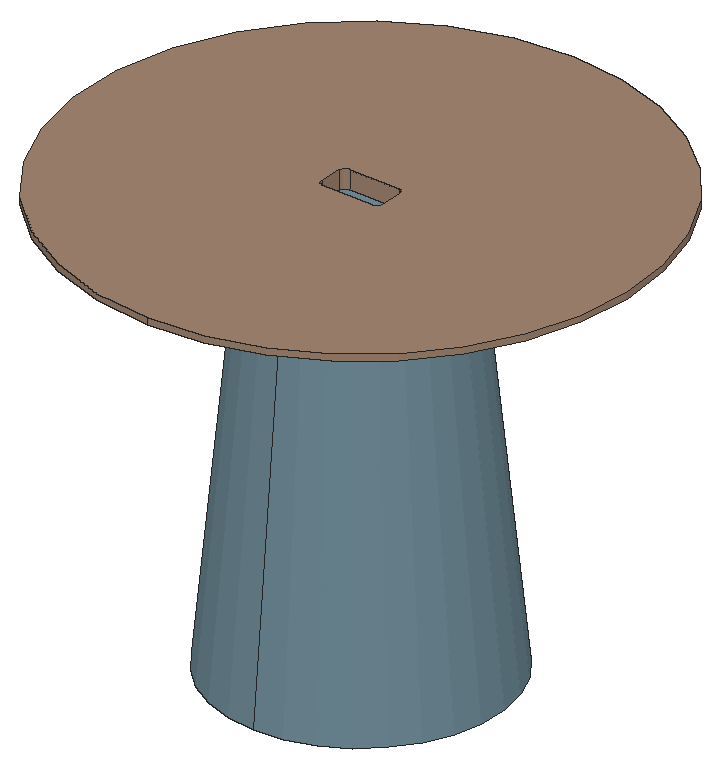
Revit family "Table-Teknion-MXTCO-Cone_Base_Round-Expansion_Meeting-R2023", category Furniture, Revit 2023
Family settings
  OmniClass Number = 23.40.20.00
  OmniClass Title = General Furniture and Specialties
  Work Plane-Based = No
  Enable Cutting in Views = No
  Always vertical = Yes
  Cut with Voids When Loaded = No
  Render Appearance Source = Family Geometry
  Shared = Yes
  Room Calculation Point = No
Parameters (values of type "(FD) Flush Module – Dual")
  Diameter/Width [instance] = 36.000"
  Cut = yes
  (M) Flat Edge (1-3/16") [instance] = not([(W) Deep Knife Edge (1-3/16")])  # no
  Worksurface Finish [instance] = Foundation Laminate - Teknion - 2E - Estate Cherry
  Warranty = "http://www.teknion.com/ca/papers/legal-canada"
  Unit Weight URL = "http://www.teknion.com/ca/tools/assets#&asset=bee6a381-b954-425e-8283-5a2de3a804f2,f828d448-4b62-4231-9e5f-9a8991c0ed77"
  URL = "www.teknion.com"
  To render please download texture images found here [instance] = "https://assets.teknion.com/web/5e81352c1dfdb467/revit-material-swatches/"
  Sustainability Data = "https://www.teknion.com/ca/tools/assets#&topic=216f99a5-57a0-44fc-b10a-9dee9b29ae4c&asset=444deb64-fe58-4b68-981e-f75e97781df7,b4ff2d81-9f2e-437d-9659-7cffb09c31cf"
  Support Finish [instance] = Paint - Teknion - CJ - Accent - Atmosphere
  Series = "Meeting Tables"  # constant formula
  Product Page URL = "https://www.teknion.com/products/product-details?productlineid=3982336e-8e7a-673b-a6c8-ff00004460c4"
  Product Line = "Expansion"  # constant formula
  Product Documentation Link = "http://www.teknion.com/pricing/Expansion-meeting/pdfs/MXTCO_ppg.pdf"
  Part Number = "MXTCO"  # constant formula
  Model = "MXTCO_____FD"
  Manufacturer Phone = "416-661-3370"  # constant formula
  Manufacturer Fax = "416.661.4586"  # constant formula
  Manufacturer Contact Information = "http://www.teknion.com/ca/contactus"
  Manufacturer Address = "1150 Flint Road, Toronto, ON. M3J 2J5. Canada"  # constant formula
  Manufacturer = "Teknion"  # constant formula
  Leg - 48 [instance] = [Diameter/Width] < 48.500"  # yes
  How To Use Teknion Materials User Guide [instance] = "https://assets.teknion.com/m/205dd0a49fa58060/original/How-to-add-a-Material-Library-and-Texture-Images-to-your-Revit-project.pdf"
  Height [instance] = 29.000"
  Grommet Dim [instance] = if(FT, 5.800", if(FD, 4.094", 4.094"))  # 4.094"
  For Additional Finishes please visit [instance] = "https://assets.teknion.com/m/44a8009b046e5d47/original/Teknion_Materials_Library.zip"
  FT = no
  FD = yes
  Edge Options [instance] = "Pick Only One"  # constant formula
  Description = "Cone Base Table - Round "  # constant formula
  Default Elevation = 0.000"
  (W) Deep Knife Edge (1-3/16") [instance] = yes
  Available Height [instance] = "29, 36 & 42 Inches"  # constant formula
  Available Diameter [instance] = if(Height = 29.000", "42, 48, 54, 58 & 60 Inches", if(Height = 36.000", "36 & 42 Inches", if(Height = 42.000", "36 & 42 Inches", "36, 42, 48, 54, 58 & 60 Inches")))  # "42, 48, 54, 58 & 60 Inches"
  Assembly Code = "E2020200"
Types (3): name | Diameter/Width | Cut | (M) Flat Edge (1-3/16") | Worksurface Finish | Model | Leg - 48 | Height | Grommet Dim | FT | FD | (W) Deep Knife Edge (1-3/16") | Available Diameter
  (NN) No Cutout | 60.000" | no | yes | Veneer - Teknion - VA - Flintwood - Sycamore | "MXTCO_____NN" | no | 42.000" | 4.094" | no | no | no | "36 & 42 Inches"
  (FT) Flush Module – Triple | 60.000" | yes | no | Foundation Laminate - Teknion - 2H - Soft Gris | "MXTCO_____FT" | no | 42.000" | 5.800" | yes | no | yes | "36 & 42 Inches"
  (FD) Flush Module – Dual | 36.000" | yes | no | Foundation Laminate - Teknion - 2E - Estate Cherry | "MXTCO_____FD" | yes | 29.000" | 4.094" | no | yes | yes | "42, 48, 54, 58 & 60 Inches"
Reference planes (in)
  plane 1 "Center Front/Back": y = 0
  plane 2: z = 0
  plane 3 "Center Left/Right": x = 0
  plane 4 "Left": x = -18
  plane 5 "Right": x = 18
  plane 6 "Back": y = 18
  plane 7 "Front": y = -18
  plane 8 "Top": z = 29
Forms (in)
  Sweep 1, solid, material "Foundation Laminate - Teknion - 2E - Estate Cherry" <- "Worksurface Finish"
    path origin (0, 0, 0) x (1, 0, 0) y (0, 0, 1)
      loop
        line (0, 29) -> (0, 27.81102)
    profile origin (0, 0, 28.40551) x (0, -1, 0) y (1, 0, 0)
      loop
        circle (0, 0) r 18
  Sweep 2, void
    path in 3D
      loop
        arc (0, -18, 27.81102) -> (18, 0, 27.81102) -> (0, 18, 27.81102) r 18
        arc (0, 18, 27.81102) -> (-18, 0, 27.81102) -> (0, -18, 27.81102) r 18
    profile origin (-18, 0, 27.81102) x (-1, 0, 0) y (0, 0, -1)
      loop
        line (0, -0.77646) -> (0, 0) -> (-2.25499, 0) -> (0, -0.77646)
  Sweep 3, void
    path origin (0, 0, 0) x (1, 0, 0) y (0, 0, 1)
      loop
        line (0, 27.81102) -> (0, 30.31102)
    profile origin (0, 0, 29.06102) x (-1, 0, 0) y (0, -1, 0)
      loop
        arc (1.6533, -1.12205) -> (1.93169, -1.00673) -> (2.047, -0.72835) r 0.3937
        line (2.047, -0.72835) -> (2.047, 0.72835)
        arc (2.047, 0.72835) -> (1.93169, 1.00673) -> (1.6533, 1.12205) r 0.3937
        line (1.6533, 1.12205) -> (-1.6533, 1.12205)
        arc (-1.6533, 1.12205) -> (-1.93169, 1.00673) -> (-2.047, 0.72835) r 0.3937
        line (-2.047, 0.72835) -> (-2.047, -0.72835)
        arc (-2.047, -0.72835) -> (-1.93169, -1.00673) -> (-1.6533, -1.12205) r 0.3937
        line (-1.6533, -1.12205) -> (1.6533, -1.12205)
Cuts and joins
  Sweep 2, Sweep 3 cuts Sweep 1
Lines and regions (in)
  Masking region 1
    outline origin (0, 0, 0) x (1, 0, 0) y (0, 1, 0)
      loop
        circle (0, 0) r 18
  Masking region 2, visible <- "Cut"
    outline origin (0, 0, 0) x (1, 0, 0) y (0, 1, 0)
      loop
        arc (-1.6533, 1.12205) -> (-1.93169, 1.00673) -> (-2.047, 0.72835) r 0.3937
        line (-2.047, 0.72835) -> (-2.047, -0.72835)
        arc (-2.047, -0.72835) -> (-1.93169, -1.00673) -> (-1.6533, -1.12205) r 0.3937
        line (-1.6533, -1.12205) -> (1.6533, -1.12205)
        arc (1.6533, -1.12205) -> (1.93169, -1.00673) -> (2.047, -0.72835) r 0.3937
        line (2.047, -0.72835) -> (2.047, 0.72835)
        arc (2.047, 0.72835) -> (1.93169, 1.00673) -> (1.6533, 1.12205) r 0.3937
        line (1.6533, 1.12205) -> (-1.6533, 1.12205)
  sketch lines
    curve 1: arc (0, 18, 27.81102) -> (-18, 0, 27.81102) -> (0, -18, 27.81102) r 18
    curve 2: arc (0, -18, 27.81102) -> (18, 0, 27.81102) -> (0, 18, 27.81102) r 18
  reference lines
    curve 3: line (-18, 18, 0) -> (18, 18, 0)
    curve 4: line (-18, -18, 0) -> (-18, 18, 0)
    curve 5: line (18, -18, 0) -> (-18, -18, 0)
    curve 6: line (18, 18, 0) -> (18, -18, 0)
Dimensions and locks (in)
  "Diameter/Width": plane 4 "Left" to plane 5 "Right"
  "Diameter/Width": plane 6 "Back" to plane 7 "Front"
  "Height": plane 8 "Top" to level
  equal spacing: plane 4 "Left", plane 3 "Center Left/Right", plane 5 "Right"
  equal spacing: plane 6 "Back", plane 1 "Center Front/Back", plane 7 "Front"
  locked: plane 8 "Top" to Sweep 1 sketch curve at 1.18898
  Sweep 3 sketch curve to plane 8 "Top" to Sweep 3 sketch curve = 1.31102" locked, 1.18898" locked
  equal spacing: Sweep 3 sketch curve, profile plane, Sweep 3 sketch curve
  equal spacing: Sweep 3 sketch curve, profile plane, Sweep 3 sketch curve, locked at 1.12205 each
  "Grommet Dim": Sweep 3 sketch curve to Sweep 3 sketch curve
  Masking region 2 sketch curve to plane 1 "Center Front/Back" to Masking region 2 sketch curve = 1.12205" locked, 1.12205" locked
  equal spacing: Masking region 2 sketch curve, plane 3 "Center Left/Right", Masking region 2 sketch curve
  "Grommet Dim": Masking region 2 sketch curve to Masking region 2 sketch curve
  "Diameter/Width": diameter of Sweep 1 sketch curve
  aligned and locked: level to plane 2
  aligned and locked: Sweep 1 sketch curve to plane 3 "Center Left/Right"
  aligned and locked: plane 8 "Top" to Sweep 1 sketch curve
  aligned and locked: plane 3 "Center Left/Right" to nested 1
  aligned and locked: plane 1 "Center Front/Back" to nested 1
  aligned and locked: Sweep 2 sketch curve to profile plane
  aligned and locked: profile plane to Sweep 2 sketch curve
  aligned and locked: plane 3 "Center Left/Right" to nested 2
  aligned and locked: plane 1 "Center Front/Back" to nested 2
  aligned and locked: plane 3 "Center Left/Right" to Sweep 3 sketch curve
  aligned and locked: Masking region 1 sketch curve to Sweep 2  (x2)
  aligned and locked: curve 3 to plane 6 "Back"
  aligned and locked: plane 4 "Left" to curve 4
  aligned and locked: curve 5 to plane 7 "Front"
  aligned and locked: plane 5 "Right" to curve 6
  aligned and locked: nested 2 to plane 2
Automatic sketch dimensions
  Sweep 2 sketch curve to profile plane = 0.77646"
  profile plane to Sweep 2 sketch curve = 2.25499"
  Masking region 1 sketch curve to plane 3 "Center Left/Right" = 0.000"  (x2)
  plane 1 "Center Front/Back" to Sweep 1 sketch curve = 0.000"
  Sweep 1 sketch curve to profile plane = 0.000"
  Sweep 3 sketch curve to Sweep 3 sketch curve = 0.3937"  (x4)
  Sweep 3 sketch curve to plane 1 "Center Front/Back" = 1.12205"
  Masking region 2 sketch curve to Masking region 2 sketch curve = 0.3937"  (x4)
Nested families (in)
  nested 1: "Teknion_2D_Node_Family-R2021" at (0, 0, 0), type "Teknion_2D_Node_Family-R2021"
  nested 2: "Leg-Cone-Exp_Meeting-R2022" at (0, 0, 0), Height <- "Height", 48- <- "Leg - 48", Support Finish <- "Support Finish", type "Cone Base"
    with Width 18.000", To render please download texture images found here "https://assets.teknion.com/web/5e81352c1dfdb467/revit-material-swatches/", Support Finish Paint - Teknion - CJ - Accent - Atmosphere, How To Use Teknion Materials User Guide "https://assets.teknion.com/m/205dd0a49fa58060/original/How-to-add-a-Material-Library-and-Texture-Images-to-your-Revit-project.pdf", Height 29.000", For Additional Finishes please visit "https://assets.teknion.com/m/44a8009b046e5d47/original/Teknion_Materials_Library.zip", Depth 6.250", 48- yes, 48+ no
Definition of nested family "Leg-Cone-Exp_Meeting-R2022"
  Parameters (values of type "Cone Base")
    Width [instance] = if([48-], 18.000", 21.000")  # 21.000"
    Warranty = "http://www.teknion.com/ca/papers/legal-canada"
    Unit Weight URL = "http://www.teknion.com/ca/tools/assets#&asset=bee6a381-b954-425e-8283-5a2de3a804f2,f828d448-4b62-4231-9e5f-9a8991c0ed77"
    URL = "www.teknion.com"
    To render please download texture images found here [instance] = "https://assets.teknion.com/web/5e81352c1dfdb467/revit-material-swatches/"
    Sustainability Data = "https://www.teknion.com/ca/tools/assets#&topic=216f99a5-57a0-44fc-b10a-9dee9b29ae4c&asset=444deb64-fe58-4b68-981e-f75e97781df7,b4ff2d81-9f2e-437d-9659-7cffb09c31cf"
    Support Finish [instance] = none
    Series = ""
    Product Page URL = ""
    Product Line = ""
    Product Documentation Link = ""
    Part Number = ""
    Model = "1"
    Manufacturer Phone = "416-661-3370"  # constant formula
    Manufacturer Fax = "416.661.4586"  # constant formula
    Manufacturer Contact Information = "http://www.teknion.com/ca/contactus"
    Manufacturer Address = "1150 Flint Road, Toronto, ON. M3J 2J5. Canada"  # constant formula
    Manufacturer = "Teknion"  # constant formula
    Length = 0.000"
    How To Use Teknion Materials User Guide [instance] = "https://assets.teknion.com/m/205dd0a49fa58060/original/How-to-add-a-Material-Library-and-Texture-Images-to-your-Revit-project.pdf"
    Height [instance] = 48.000"
    For Additional Finishes please visit [instance] = "https://assets.teknion.com/m/44a8009b046e5d47/original/Teknion_Materials_Library.zip"
    Depth [instance] = if([48-], 6.250", 7.000")  # 7.000"
    Default Elevation = 0.000"
    Assembly Code = "E2020200"
    48- [instance] = no
    48+ [instance] = yes
  Reference planes (in)
    plane 1 "Center Front/Back": y = 0
    plane 2: z = 0
    plane 3 "Center Left/Right": x = 0
    plane 4 "Left": x = -10.5
    plane 5 "Right": x = 10.5
    plane 6 "Back": y = 10.5
    plane 7 "Front": y = -10.5
    plane 8 "Top": z = 48
  Forms (in)
    SweptBlend 1, solid, material <- "Support Finish"
      path origin (0, 0, 0) x (1, 0, 0) y (0, 0, 1)
        loop
          line (0, 46.622) -> (0, 0.122)
      profile origin (0, 0, 46.622) x (0, -1, 0) y (1, 0, 0)
        loop
          circle (0.16417, -0.01026) r 7
      end profile origin (0, 0, 0.122) x (0, -1, 0) y (1, 0, 0)
        loop
          circle (0, 0) r 10.5
    Extrusion 2, solid, material <- "Support Finish"
      sketch origin (-0.01026, -0.16417, 46.622) x (1, 0, 0) y (0, 1, 0)
        loop
          line (7.62837, 10.66417) -> (-7.60785, 10.66417)
          arc (-7.60785, 10.66417) -> (-9.64565, 9.82009) -> (-10.48974, 7.78228) r 2.88189
          line (-10.48974, 7.78228) -> (-10.48974, -7.45394)
          arc (-10.48974, -7.45394) -> (-9.64565, -9.49174) -> (-7.60785, -10.33583) r 2.88189
          line (-7.60785, -10.33583) -> (7.62837, -10.33583)
          arc (7.62837, -10.33583) -> (9.66617, -9.49174) -> (10.51026, -7.45394) r 2.88189
          line (10.51026, -7.45394) -> (10.51026, 7.78228)
          arc (10.51026, 7.78228) -> (9.66617, 9.82009) -> (7.62837, 10.66417) r 2.88189
      from 0 to 0.18898
    Sweep 3, solid
      path origin (0, 0, 0) x (1, 0, 0) y (0, 0, 1)
        loop
          line (0, 0.31496) -> (0, 0)
      profile origin (0, 0, 0.15748) x (0, -1, 0) y (1, 0, 0)
        loop
          circle (-8.31259, 4.78451) r 0.5
        loop
          circle (-8.31259, -4.78451) r 0.5
        loop
          circle (8.21884, 4.78451) r 0.5
        loop
          circle (8.21884, -4.78451) r 0.5
        loop
          circle (-0.03125, 9.55797) r 0.5
        loop
          circle (-0.03125, -9.52672) r 0.5
  Lines and regions (in)
    Masking region 1, detail levels medium+fine
      outline origin (0, 0, 0) x (1, 0, 0) y (0, 1, 0)
        loop
          line (7.61811, 10.5) -> (-7.61811, 10.5)
          arc (-7.61811, 10.5) -> (-9.65591, 9.65591) -> (-10.5, 7.61811) r 2.88189
          line (-10.5, 7.61811) -> (-10.5, -7.61811)
          arc (-10.5, -7.61811) -> (-9.65591, -9.65591) -> (-7.61811, -10.5) r 2.88189
          line (-7.61811, -10.5) -> (7.61811, -10.5)
          arc (7.61811, -10.5) -> (9.65591, -9.65591) -> (10.5, -7.61811) r 2.88189
          line (10.5, -7.61811) -> (10.5, 7.61811)
          arc (10.5, 7.61811) -> (9.65591, 9.65591) -> (7.61811, 10.5) r 2.88189
    symbolic lines, detail levels fine
      curve 1: arc (0, -10.5, 0) -> (-10.5, 0, 0) -> (0, 10.5, 0) r 10.5
      curve 2: arc (0, 10.5, 0) -> (10.5, 0, 0) -> (0, -10.5, 0) r 10.5
      curve 3: arc (-0.01026, 6.83583, 0) -> (-7.01026, -0.16417, 0) -> (-0.01026, -7.16417, 0) r 7
      curve 4: arc (-0.01026, -7.16417, 0) -> (6.98974, -0.16417, 0) -> (-0.01026, 6.83583, 0) r 7
      curve 5: arc (4.78451, 7.81259, 0) -> (5.28451, 8.31259, 0) -> (4.78451, 8.81259, 0) r 0.5
      curve 6: arc (4.78451, 8.81259, 0) -> (4.28451, 8.31259, 0) -> (4.78451, 7.81259, 0) r 0.5
      curve 7: arc (9.55797, 0.53125, 0) -> (9.05797, 0.03125, 0) -> (9.55797, -0.46875, 0) r 0.5
      curve 8: arc (9.55797, -0.46875, 0) -> (10.05797, 0.03125, 0) -> (9.55797, 0.53125, 0) r 0.5
      curve 9: arc (4.78451, -7.71884, 0) -> (4.28451, -8.21884, 0) -> (4.78451, -8.71884, 0) r 0.5
      curve 10: arc (4.78451, -8.71884, 0) -> (5.28451, -8.21884, 0) -> (4.78451, -7.71884, 0) r 0.5
      curve 11: arc (-4.78451, -7.71884, 0) -> (-5.28451, -8.21884, 0) -> (-4.78451, -8.71884, 0) r 0.5
      curve 12: arc (-4.78451, -8.71884, 0) -> (-4.28451, -8.21884, 0) -> (-4.78451, -7.71884, 0) r 0.5
      curve 13: arc (-9.52672, 0.53125, 0) -> (-10.02672, 0.03125, 0) -> (-9.52672, -0.46875, 0) r 0.5
      curve 14: arc (-9.52672, -0.46875, 0) -> (-9.02672, 0.03125, 0) -> (-9.52672, 0.53125, 0) r 0.5
      curve 15: arc (-4.78451, 7.81259, 0) -> (-4.28451, 8.31259, 0) -> (-4.78451, 8.81259, 0) r 0.5
      curve 16: arc (-4.78451, 8.81259, 0) -> (-5.28451, 8.31259, 0) -> (-4.78451, 7.81259, 0) r 0.5
      curve 17: arc (0, -10.35, 0) -> (-10.35, 0, 0) -> (0, 10.35, 0) r 10.35
      curve 18: arc (0, 10.35, 0) -> (10.35, 0, 0) -> (0, -10.35, 0) r 10.35
      curve 19: arc (-0.01026, -6.96417, 0) -> (6.78974, -0.16417, 0) -> (-0.01026, 6.63583, 0) r 6.8
      curve 20: arc (-0.01026, 6.63583, 0) -> (-6.81026, -0.16417, 0) -> (-0.01026, -6.96417, 0) r 6.8
  Dimensions and locks (in)
    "Width": plane 4 "Left" to plane 5 "Right"
    "Width": plane 6 "Back" to plane 7 "Front"
    "Height": plane 8 "Top" to level
    equal spacing: plane 6 "Back", plane 1 "Center Front/Back", plane 7 "Front"
    locked: SweptBlend 1 sketch curve to plane 2 at 0.122
    locked: plane 8 "Top" to SweptBlend 1 sketch curve at 1.378
    equal spacing: plane 4 "Left", plane 3 "Center Left/Right", plane 5 "Right"
    plane 6 "Back" to Sweep 3 sketch curve to Sweep 3 sketch curve = 1.68741" locked, 0.000" locked
    locked: plane 4 "Left" to Sweep 3 sketch curve at 0.47328
    locked: plane 1 "Center Front/Back" to Sweep 3 sketch curve at 0.53125  (x2)
    locked: Sweep 3 sketch curve to plane 5 "Right" at 0.44203
    locked: plane 7 "Front" to Sweep 3 sketch curve at 1.78116
    locked: plane 7 "Front" to Sweep 3 sketch curve at 2.28116
    locked: Sweep 3 sketch curve to plane 3 "Center Left/Right" at 4.78451  (x2)
    locked: plane 3 "Center Left/Right" to Sweep 3 sketch curve at 4.78451  (x2)
    "Width": diameter of SweptBlend 1 sketch curve
    "Depth": radius of SweptBlend 1 sketch curve
    aligned and locked: level to plane 2
    aligned and locked: Sweep 3 sketch curve to plane 3 "Center Left/Right"
    aligned and locked: plane 6 "Back" to Extrusion 2 sketch curve
    aligned and locked: Extrusion 2 sketch curve to plane 5 "Right"
    aligned and locked: plane 7 "Front" to Extrusion 2 sketch curve
    aligned and locked: Extrusion 2 sketch curve to plane 4 "Left"
    aligned and locked: Masking region 1 sketch curve to Extrusion 2  (x4)
    aligned and locked: curve 1 to SweptBlend 1
    aligned and locked: curve 2 to SweptBlend 1
    aligned and locked: curve 3 to SweptBlend 1
    aligned and locked: curve 4 to SweptBlend 1
    aligned and locked: curve 5 to Sweep 3
    aligned and locked: curve 6 to Sweep 3
    aligned and locked: curve 7 to Sweep 3
    aligned and locked: curve 8 to Sweep 3
    aligned and locked: curve 9 to Sweep 3
    aligned and locked: curve 10 to Sweep 3
    aligned and locked: curve 11 to Sweep 3
    aligned and locked: curve 12 to Sweep 3
    aligned and locked: curve 13 to Sweep 3
    aligned and locked: curve 14 to Sweep 3
    aligned and locked: curve 15 to Sweep 3
    aligned and locked: curve 16 to Sweep 3
  Automatic sketch dimensions
    SweptBlend 1 sketch curve to plane 3 "Center Left/Right" = 0.000"
    Extrusion 2 sketch curve to Extrusion 2 sketch curve = 2.88189"  (x4)
    Sweep 3 sketch curve to level = 0.000"
    Sweep 3 sketch curve to Sweep 3 sketch curve = 0.31496"
    Sweep 3 sketch curve to plane 1 "Center Front/Back" = 0.03125"  (x2)
    curve 1 to curve 17 = 0.000"  (x2)
    curve 3 to curve 19 = 0.000"  (x2)
    curve 17 to plane 7 "Front" = 0.150"
    curve 3 to curve 19 = 0.200"
    curve 17 to plane 3 "Center Left/Right" = 0.000"
    profile plane to SweptBlend 1 sketch curve = 0.01026"
    plane 1 "Center Front/Back" to SweptBlend 1 sketch curve = 0.16417"
    plane 1 "Center Front/Back" to SweptBlend 1 sketch curve = 0.000"
    SweptBlend 1 sketch curve to profile plane = 0.000"
    radius of Sweep 3 sketch curve = 0.500"  (x4)
Definition of nested family "Teknion_2D_Node_Family-R2021"
  Reference planes (in)
    plane 1 "Center (Front/Back)": y = 0
    plane 2: z = 0
    plane 3 "Center (Left/Right)": x = 0
  Lines and regions (in)
    detail lines, in view "Ref. Level"
      curve 1: circle (0, 0, 0) r 1.25 normal (0, 0, 1)
      curve 2: line (1.91508, -1.91508, 0) -> (-1.91508, 1.91508, 0)
      curve 3: line (-1.91508, -1.91508, 0) -> (1.91508, 1.91508, 0)
